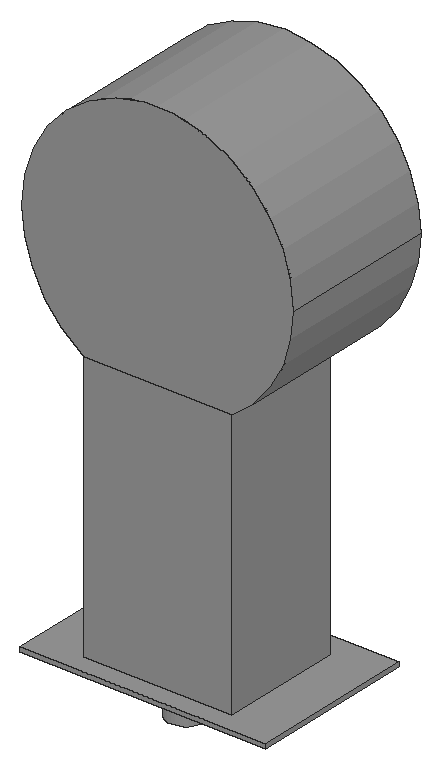
Revit family "Outdoor_Drinking_Fountain-Willoughby-WODF-1WM", category Plumbing Fixtures, host Face, Revit 2014
Parameters (values of type "Standard")
  Waste DIA = 1 1/2"
  Waste Connection = yes
  Vent Connection = no
  URL = "www.willoughby-ind.com"
  Revision = "A"
  Model = "WODF-1WM"
  Manufacturer = "Willoughby Industries"
  HW Connection = no
  Fixture Body = Stainless Steel AISI 304-Willoughby
  Description = "Wall Mount Drinking Fountain"
  Default Elevation = 0' - 0"
  Contact = "800-428-4065"
  CW inlet Diameter = 3/8"
  CW Connection = yes
Reference planes (in)
  plane 1 "Center (Front/Back)": y = 0
  plane 2: z = 0
  plane 3 "Center (Left/Right)": x = 0
  plane 4 "top of Fountain": y = 34
  plane 5 "Bottom Of Fountain": y = 27.5625
  plane 6 "Top Of Arm": y = 33.5625
  plane 7: z = 21.1875
  plane 8: z = 0.18
  plane 9: z = 10.3125
  plane 10 "fountain center": z = 15.75
  plane 11 "Fountain Drain": y = 29
  plane 12 "Supply HGT": y = 30.875
  plane 13 "Supply Line": x = 1
Forms (in)
  Extrusion 1, solid, material "Stainless Steel AISI 304-Willoughby" <- "Fixture Body"
    sketch origin (0, 34, 0) x (-1, 0, 0) y (0, 0, 1)
      loop
        circle (0, 15.75) r 5.52138
    from 0 to -6.4375
  Extrusion 2, solid, material "Stainless Steel AISI 304-Willoughby" <- "Fixture Body"
    sketch origin (0, 27.5625, 0) x (-1, 0, 0) y (0, 0, 1)
      loop
        line (-5, 0) -> (5, 0) -> (5, 0.18) -> (-5, 0.18) -> (-5, 0)
    from -0.75 to 6
  Extrusion 3, solid, material "Stainless Steel AISI 304-Willoughby" <- "Fixture Body"
    sketch origin (0, 27.5625, 0) x (-1, 0, 0) y (0, 0, 1)
      loop
        line (-3, 0.18) -> (3, 0.18) -> (3, 11.11474) -> (-3, 11.11474) -> (-3, 0.18)
    from 0 to 5
  Revolve 4, void
    sketch origin (0, 0, 15.75) x (1, 0, 0) y (0, 1, 0)
      loop
        line (0, 34) -> (0, 32)
        arc (0, 32) -> (2.81897, 32.49084) -> (5.25, 34) r 7.5134
        line (5.25, 34) -> (0, 34)
      axis (0, 34) -> (0, 32)
    angle from 0 to 360
  Revolve 5, solid, material "Stainless Steel AISI 304-Willoughby" <- "Fixture Body"
    sketch origin (0, 29, 0) x (-1, 0, 0) y (0, 0, 1)
      loop
        line (0, -1.5) -> (0.75, -1.5) -> (0.75, 2.5) -> (0, 2.5) -> (0, -1.5)
      axis (0, 2.5) -> (0, -1.5)
    angle from 0 to 360
  Revolve 6, solid, material "Stainless Steel AISI 304-Willoughby" <- "Fixture Body"
    sketch origin (-60, 30.875, 48) x (-1, 0, 0) y (0, 0, 1)
      loop
        line (-61, -49.5) -> (-60.8125, -49.5) -> (-60.8125, -45.5) -> (-61, -45.5) -> (-61, -49.5)
      axis (-61, -45.5) -> (-61, -49.5)
    angle from 0 to 360
Cuts and joins
  Revolve 4 cuts Extrusion 1
Lines and regions (in)
  symbolic lines
    curve 1: line (-5.52138, 27.5625, 15.75) -> (-5.52138, 34, 15.75)
    curve 2: line (-5.52138, 34, 15.75) -> (5.52138, 34, 15.75)
    curve 3: line (5.52138, 34, 15.75) -> (5.52138, 27.5625, 15.75)
    curve 4: line (5.52138, 27.5625, 15.75) -> (-5.52138, 27.5625, 15.75)
    curve 8: line (0, 33.5625, 0) -> (0, 33.5625, 0.18)
    curve 9: line (0, 33.5625, 0.18) -> (0, 26.8125, 0.18)
    curve 10: line (0, 26.8125, 0.18) -> (0, 26.8125, 0)
    curve 11: line (0, 26.8125, 0) -> (0, 33.5625, 0)
    curve 12: line (0, 32.5625, 0.18) -> (0, 32.5625, 11.11474)
    curve 13: line (0, 32.5625, 11.11474) -> (0, 27.5625, 11.11474)
    curve 14: line (0, 27.5625, 11.11474) -> (0, 27.5625, 0.18)
    curve 15: line (0, 34, 10.22862) -> (0, 27.5625, 10.22862)
    curve 16: line (0, 34, 10.22862) -> (0, 34, 21.27138)
    curve 17: line (0, 34, 21.27138) -> (0, 27.5625, 21.27138)
    curve 18: line (0, 27.5625, 21.27138) -> (0, 27.5625, 11.11474)
    curve 19: line (-5, 27.5625, 0) -> (5, 27.5625, 0)
    curve 20: line (5, 27.5625, 0) -> (5, 27.5625, 0.18)
    curve 21: line (5, 27.5625, 0.18) -> (-5, 27.5625, 0.18)
    curve 22: line (-5, 27.5625, 0.18) -> (-5, 27.5625, 0)
    curve 23: line (-3, 27.5625, 0.18) -> (-3, 27.5625, 11.11474)
    curve 24: line (3, 27.5625, 0.18) -> (3, 27.5625, 11.11474)
    curve 25: arc (3, 27.5625, 11.11474) -> (0, 27.5625, 10.22862) -> (-3, 27.5625, 11.11474) r 5.52138
    curve 26: arc (-3, 27.5625, 11.11474) -> (0, 27.5625, 21.27138) -> (3, 27.5625, 11.11474) r 5.52138
  symbolic lines, detail levels medium+fine
    curve 5: line (5, 27.5625, 15.75) -> (5, 26.8125, 15.75)
    curve 6: line (5, 26.8125, 15.75) -> (-5, 26.8125, 15.75)
    curve 7: line (-5, 26.8125, 15.75) -> (-5, 27.5625, 15.75)
    curve 27: circle (0, 27.5625, 15.75) r 5.25 normal (0, 1, 0)
Dimensions and locks (in)
  level to plane 9 = 0' - 10 5/16"
  plane 1 "Center (Front/Back)" to plane 4 "top of Fountain" = 2' - 10"
  aligned and locked: plane 2 to host face
  aligned and locked: level to host face
  aligned and locked: plane 6 "Top Of Arm" to Extrusion 2
  aligned and locked: Extrusion 3 to plane 5 "Bottom Of Fountain"
  aligned and locked: Revolve 4 sketch curve to Revolve 4 sketch curve  (x2)
  aligned and locked: Revolve 6 sketch curve to Revolve 6 sketch curve  (x2)
Connectors (in)
  piping at (0, 29, -1.5), diameter 1.5, driven by "Waste DIA", driven by "Waste Connection"
    settings: on Revolve 5, index 1, connector inside diameter 24", connector length 0' - 0", flow factor 0, pipe flow 0 GPM, pressure drop 0.00 psi, fitting loss kfactor 0, connector angle 0.00°, fixture units 0, engagement length 0' - 0", angle of deflection 0.00°, flow configuration 0, flow direction 2, fitting loss method 0, system type 16, joint type 0, gender type 0, connector reference index -1, connector utility 1, adjustable connector no, is connector primary yes, connector description "Fountain Drain"
  piping at (1, 30.875, -1.5), diameter 0.375, driven by "CW inlet Diameter", driven by "CW Connection"
    settings: on Revolve 6, index 2, connector inside diameter 24", connector length 0' - 0", flow factor 0, pipe flow 0 GPM, pressure drop 0.00 psi, fitting loss kfactor 0, connector angle 0.00°, fixture units 0, engagement length 0' - 0", angle of deflection 0.00°, flow configuration 0, flow direction 1, fitting loss method 0, system type 20, joint type 0, gender type 0, connector reference index -1, connector utility 1, adjustable connector no, is connector primary no, connector description "Water Supply"
